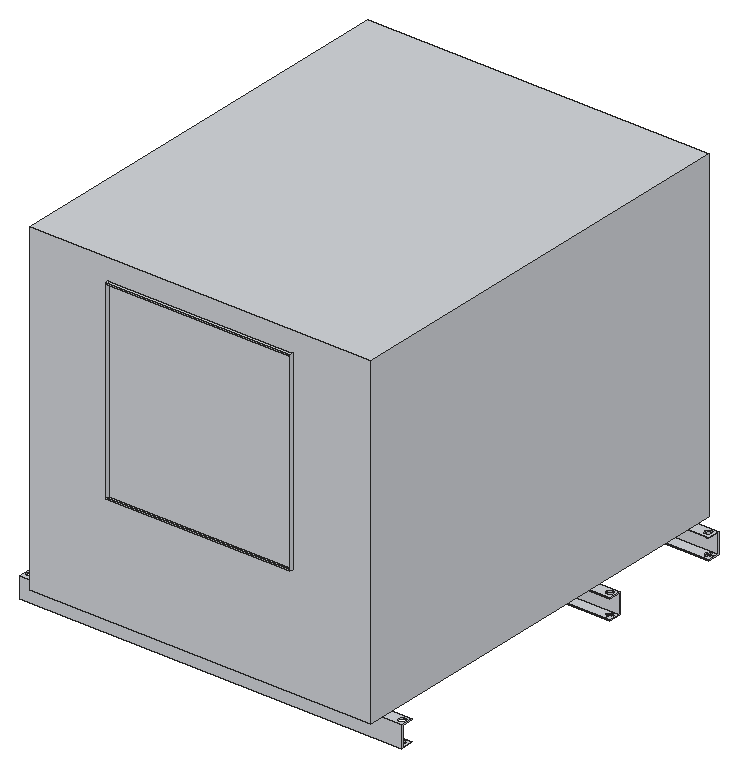
Revit family "BOX BV GRAN", category Modelos genéricos, Revit 2017
Family settings
  Puede alojar armadura = No
  Cota de conector redondo = Diámetro de uso
  Tipo de pieza = Normal
  Se basa en plano de trabajo = No
  Siempre vertical = Sí
  Corte con vacíos al cargar = No
  Compartido = No
  Punto de cálculo de habitación = No
Parameters (values of type "BOX BV 30/28")
  eEXT = B - F - G  # 936.5 mm
  Z = (C - M) / 2  # 64.25 mm
  VisiblePeuMig = yes
  URL = "www.casals.com"
  S = 16.8 mm
  O = 595 mm
  Material = none
  M = 1911.5 mm
  K = 100 mm
  I = 1848 mm
  G = 535.5 mm
  Fabricante = "Casals Ventilación"
  F = 100 mm
  EspPeu = 3 mm
  EspBoca = 3 mm
  Dimensiones = "1650,5x1572x1056,8"
  Dext = 893 mm
  C = 2040 mm
  B = 1572 mm
  AmplePeu = 60 mm
  AmpleBoca = A - 100 mm  # 1550.5 mm
  AlturaBoca = B - 100 mm  # 1472 mm
  A = 1650.5 mm
Types (5, lengths in mm): name | eEXT | Z | VisiblePeuMig | O | M | I | G | F | Dimensiones | Dext | C | B | AmpleBoca | AlturaBoca | A
  (no name) | 936.5 | 64.25 | yes | 595 | 1911.5 | 1848 | 535.5 | 100 | "1650,5x1572x1056,8" | 893 | 2040 | 1572 | 1550.5 | 1472 | 1650.5
  BOX BV 20/20 | 607 | 56.7 | no | 484.256 | 1411.6 | 1298 | 425 | 85 | "1100,5x1117x1541,8" | 605 | 1525 | 1117 | 1000.5 | 1017 | 1100.5
  BOX BV 22/22 | 693.5 | 56.7 | no | 484.256 | 1569.6 | 1548 | 421.5 | 85 | "1350,5x1200x1699,8" | 658 | 1683 | 1200 | 1250.5 | 1100 | 1350.5
  BOX BV 25/25 | 796 | 56.75 | yes | 525.5 | 1696.5 | 1655 | 443.5 | 98 | "1457,5x1337,5x1826,8" | 768 | 1810 | 1337.5 | 1357.5 | 1237.5 | 1457.5
  BOX BV 30/28 | 936.5 | 64.25 | yes | 595 | 1911.5 | 1848 | 535.5 | 100 | "1650,5x1572x1056,8" | 893 | 2040 | 1572 | 1550.5 | 1472 | 1650.5
Reference planes
  plane 1 "Centro (Frontal/Posterior)": y = 0
  plane 2: z = 0
  plane 3 "Centro (Izquierda/Derecha)": x = 0
  plane 4: z = 100
  plane 5: z = 1672
  plane 6: x = -825.25
  plane 7: x = 825.25
  plane 8: x = -924
  plane 9: x = 924
  plane 10: y = -1020
  plane 11: y = 1020
  plane 12: y = -955.75
  plane 13: y = 955.75
  plane 14: y = 360.75
  plane 15: z = 97
  plane 16: y = -895.75
  plane 17: y = -952.75
  plane 18: z = 3
  plane 19: y = 300.75
  plane 20: z = 97
  plane 21: z = 3
  plane 22: y = 357.75
  plane 23: y = 895.75
  plane 24: z = 97
  plane 25: z = 3
  plane 26: y = 952.75
  plane 27: x = -446.5
  plane 28: x = 446.5
  plane 29: z = 1572
  plane 30: z = 635.5
  plane 31: z = 1569
  plane 32: z = 638.5
  plane 33: x = -443.5
  plane 34: x = 443.5
  plane 35: y = -1036.8
  plane 36: z = 1607.75
  plane 37: z = 164.25
  plane 38: x = -761
  plane 39: x = 761
  plane 40: y = 925.75
  plane 41: y = 330.75
  plane 42: y = -925.75
  plane 43: x = -899.5
  plane 44: x = 899.5
Forms (mm)
  Extrusion 1, solid, material <- "Material"
    sketch origin (0, 0, 0) x (1, 0, 0) y (0, 0, 1)
      loop
        line (-825.25, 1672) -> (-825.25, 100) -> (825.25, 100) -> (825.25, 1672) -> (-825.25, 1672)
    from -1020 to 1020
  Extrusion 2, solid, material <- "Material"
    sketch origin (0, 0, 0) x (0, 1, 0) y (0, 0, 1)
      loop
        line (-895.75, 3) -> (-952.75, 3) -> (-952.75, 97) -> (-895.75, 97) -> (-895.75, 100) -> (-955.75, 100) -> (-955.75, 0) -> (-895.75, 0) -> (-895.75, 3)
    from -924 to 924
  Extrusion 3, solid, material <- "Material", visible <- "VisiblePeuMig"
    sketch origin (0, 0, 0) x (0, 1, 0) y (0, 0, 1)
      loop
        line (300.75, 3) -> (300.75, 0) -> (360.75, 0) -> (360.75, 100) -> (300.75, 100) -> (300.75, 97) -> (357.75, 97) -> (357.75, 3) -> (300.75, 3)
    from -924 to 924
  Extrusion 4, solid, material <- "Material"
    sketch origin (0, 0, 0) x (0, 1, 0) y (0, 0, 1)
      loop
        line (895.75, 3) -> (895.75, 0) -> (955.75, 0) -> (955.75, 100) -> (895.75, 100) -> (895.75, 97) -> (952.75, 97) -> (952.75, 3) -> (895.75, 3)
    from -924 to 924
  Extrusion 5, solid, material <- "Material"
    sketch origin (0, 0, 0) x (1, 0, 0) y (0, 0, 1)
      loop
        line (-446.5, 1572) -> (-446.5, 635.5) -> (446.5, 635.5) -> (446.5, 1572) -> (-446.5, 1572)
      loop
        line (-443.5, 1569) -> (-443.5, 638.5) -> (443.5, 638.5) -> (443.5, 1569) -> (-443.5, 1569)
    from 1020 to 1036.8
  Extrusion 6, void
    sketch origin (0, 0, 0) x (1, 0, 0) y (0, 0, 1)
      loop
        line (-761, 1607.75) -> (-761, 164.25) -> (761, 164.25) -> (761, 1607.75) -> (-761, 1607.75)
    from -1020 to -955.75
  Extrusion 7, void
    sketch origin (0, 0, 0) x (1, 0, 0) y (0, 1, 0)
      loop
        circle (-899.5, 925.75) r 16
      loop
        circle (899.5, 925.75) r 16
      loop
        circle (-899.5, 330.75) r 16
      loop
        circle (-899.5, -925.75) r 16
      loop
        circle (899.5, -925.75) r 16
      loop
        circle (899.5, 330.75) r 16
    from 97 to 100
Cuts and joins
  Extrusion 6 cuts Extrusion 1
  Extrusion 7 cuts Extrusion 2
  Extrusion 7 cuts Extrusion 3
  Extrusion 7 cuts Extrusion 4
Dimensions and locks
  equal spacing: plane 7, plane 3 "Centro (Izquierda/Derecha)", plane 6
  equal spacing: plane 9, plane 3 "Centro (Izquierda/Derecha)", plane 8
  "A": plane 7 to plane 6
  "I": plane 9 to plane 8
  "K": plane 4 to plane 2
  "B": plane 5 to plane 4
  equal spacing: plane 10, plane 1 "Centro (Frontal/Posterior)", plane 11
  "C": plane 10 to plane 11
  equal spacing: plane 12, plane 1 "Centro (Frontal/Posterior)", plane 13
  "M": plane 12 to plane 13
  "O": plane 14 to plane 13
  "EspPeu": plane 4 to plane 15
  "EspPeu": plane 18 to plane 2
  "EspPeu": plane 12 to plane 17
  "AmplePeu": plane 12 to plane 16
  "EspPeu": plane 4 to plane 20
  "EspPeu": plane 21 to plane 2
  "EspPeu": plane 22 to plane 14
  "AmplePeu": plane 19 to plane 14
  "EspPeu": plane 4 to plane 24
  "EspPeu": plane 25 to plane 2
  "EspPeu": plane 26 to plane 13
  "AmplePeu": plane 23 to plane 13
  equal spacing: plane 28, plane 3 "Centro (Izquierda/Derecha)", plane 27
  "Dext": plane 28 to plane 27
  "F": plane 5 to plane 29
  "G": plane 30 to plane 4
  "EspBoca": plane 32 to plane 30
  "EspBoca": plane 29 to plane 31
  "EspBoca": plane 33 to plane 27
  "EspBoca": plane 28 to plane 34
  "S": plane 35 to plane 10
  "Z": plane 5 to plane 36
  "Z": plane 37 to plane 4
  "Z": plane 38 to plane 6
  "Z": plane 7 to plane 39
  locked: plane 44 to plane 9 at 24.5
  locked: plane 8 to plane 43 at 24.5
  locked: plane 13 to plane 40 at 30
  locked: plane 14 to plane 41 at 30
  locked: plane 42 to plane 12 at 30
  aligned and locked: level to plane 2
  aligned and locked: Extrusion 1 sketch curve to plane 5
  aligned and locked: plane 6 to Extrusion 1 sketch curve
  aligned and locked: Extrusion 1 sketch curve to plane 7
  aligned and locked: plane 11 to Extrusion 1
  aligned and locked: Extrusion 1 to plane 10
  aligned and locked: Extrusion 2 sketch curve to plane 18
  aligned and locked: Extrusion 2 to plane 8
  aligned and locked: Extrusion 3 to plane 8
  aligned and locked: Extrusion 4 to plane 8
  aligned and locked: plane 9 to Extrusion 2
  aligned and locked: plane 9 to Extrusion 3
  aligned and locked: plane 9 to Extrusion 4
  aligned and locked: Extrusion 5 sketch curve to plane 29
  aligned and locked: plane 30 to Extrusion 5 sketch curve
  aligned and locked: Extrusion 5 sketch curve to plane 31
  aligned and locked: Extrusion 5 sketch curve to plane 32
  aligned and locked: Extrusion 5 to plane 35
  aligned and locked: plane 10 to Extrusion 5
  aligned and locked: Extrusion 6 sketch curve to plane 36
  aligned and locked: Extrusion 6 sketch curve to plane 39
  aligned and locked: plane 11 to cut or joined group of Extrusion 1, Extrusion 6
  aligned and locked: cut or joined group of Extrusion 1, Extrusion 6 to plane 13
  aligned and locked: plane 44 to nested 1
  aligned and locked: plane 40 to nested 1
  aligned and locked: plane 43 to nested 6
  aligned and locked: plane 40 to nested 6
  aligned and locked: plane 43 to nested 5
  aligned and locked: plane 41 to nested 5
  aligned and locked: plane 43 to nested 4
  aligned and locked: plane 42 to nested 4
  aligned and locked: plane 44 to nested 3
  aligned and locked: plane 42 to nested 3
  aligned and locked: plane 44 to nested 2
  aligned and locked: plane 41 to nested 2
Automatic sketch dimensions
  Extrusion 1 sketch curve to plane 4 = 0 mm
  Extrusion 7 sketch curve to plane 42 = 0 mm  (x2)
  Extrusion 7 sketch curve to plane 43 = 0 mm  (x3)
  Extrusion 7 sketch curve to plane 41 = 0 mm  (x2)
  Extrusion 7 sketch curve to plane 40 = 0 mm  (x2)
  Extrusion 7 sketch curve to plane 44 = 0 mm  (x3)
  Extrusion 2 sketch curve to plane 4 = 0 mm
  Extrusion 2 sketch curve to plane 12 = 0 mm
  Extrusion 2 sketch curve to plane 15 = 0 mm
  Extrusion 2 sketch curve to plane 17 = 0 mm
  Extrusion 2 sketch curve to plane 16 = 0 mm  (x2)
  Extrusion 2 sketch curve to level = 0 mm
  Extrusion 3 sketch curve to plane 19 = 0 mm  (x2)
  Extrusion 3 sketch curve to plane 4 = 0 mm
  plane 20 to Extrusion 3 sketch curve = 0 mm
  Extrusion 3 sketch curve to plane 22 = 0 mm
  Extrusion 3 sketch curve to plane 14 = 0 mm
  Extrusion 3 sketch curve to level = 0 mm
  plane 21 to Extrusion 3 sketch curve = 0 mm
  Extrusion 4 sketch curve to plane 23 = 0 mm  (x2)
  Extrusion 4 sketch curve to plane 4 = 0 mm
  plane 24 to Extrusion 4 sketch curve = 0 mm
  Extrusion 4 sketch curve to plane 26 = 0 mm
  Extrusion 4 sketch curve to plane 13 = 0 mm
  Extrusion 4 sketch curve to level = 0 mm
  plane 25 to Extrusion 4 sketch curve = 0 mm
  Extrusion 5 sketch curve to plane 27 = 0 mm
  Extrusion 5 sketch curve to plane 33 = 0 mm
  Extrusion 5 sketch curve to plane 34 = 0 mm
  Extrusion 5 sketch curve to plane 28 = 0 mm
  Extrusion 6 sketch curve to plane 37 = 0 mm
  Extrusion 6 sketch curve to plane 38 = 0 mm
  radius of Extrusion 7 sketch curve = 16 mm  (x6)
Nested families
  nested 1: "FORAT CREU" at (899.5, 925.75, 3) x (0, 1, 0) z (0, 0, 1), type "FORAT CREU"
    with fONDO -3 mm
  nested 2: "FORAT CREU" at (899.5, 330.75, 3) x (0, 1, 0) z (0, 0, 1), type "FORAT CREU"
    with fONDO -3 mm
  nested 3: "FORAT CREU" at (899.5, -925.75, 3) x (0, 1, 0) z (0, 0, 1), type "FORAT CREU"
    with fONDO -3 mm
  nested 4: "FORAT CREU" at (-899.5, -925.75, 3) x (0, 1, 0) z (0, 0, 1), type "FORAT CREU"
    with fONDO -3 mm
  nested 5: "FORAT CREU" at (-899.5, 330.75, 3) x (0, 1, 0) z (0, 0, 1), type "FORAT CREU"
    with fONDO -3 mm
  nested 6: "FORAT CREU" at (-899.5, 925.75, 3) x (0, 1, 0) z (0, 0, 1), type "FORAT CREU"
    with fONDO -3 mm
Connectors
  hvac at (0, 1020, 886), driven by "AlturaBoca", driven by "AmpleBoca"
    settings: on cut or joined group of Extrusion 1, Extrusion 6, index 1, duct flow 0.0 L/s, flow factor 0, pres drop 0.0 Pa, loss coef 0, conn angle 0.00°, conn width 1550.5 mm, conn height 1472 mm, conn diameter 609.6 mm, duct sys type 1, conn prof type 1, flow config 0, flow direction 1, loss method 0, conn ref index -1, conn util no, is conn primary yes, conn desc ""
  hvac at (0, -1036.8, 1103.75), driven by "eEXT", driven by "Dext"
    settings: on Extrusion 5, index 2, duct flow 0.0 L/s, flow factor 0, pres drop 0.0 Pa, loss coef 0, conn angle 0.00°, conn width 893 mm, conn height 936.5 mm, conn diameter 609.6 mm, duct sys type 1, conn prof type 1, flow config 0, flow direction 2, loss method 0, conn ref index -1, conn util no, is conn primary no, conn desc ""
Definition of nested family "FORAT CREU"
  Parameters (values of type "FORAT CREU")
    fONDO [instance] = -304.8 mm
    Default Elevation = 1219.2 mm
    B = 25 mm
    A = 11 mm
  Reference planes
    plane 1 "Centro (Frontal/Posterior)": y = 0
    plane 2: z = 0
    plane 3 "Centro (Izquierda/Derecha)": x = 0
    plane 4: x = -5.5
    plane 5: x = 5.5
    plane 6: x = -12.5
    plane 7: x = 12.5
    plane 8: y = 5.5
    plane 9: y = 12.5
    plane 10: y = -5.5
    plane 11: y = -12.5
  Forms (mm)
    Extrusion 1, solid
      sketch origin (0, 0, 0) x (1, 0, 0) y (0, 1, 0)
        loop
          line (-1219.2, 1219.2) -> (-1219.2, -1219.2) -> (1219.2, -1219.2) -> (1219.2, 1219.2) -> (-1219.2, 1219.2)
      from 0 to -304.8
    Extrusion 2, void
      sketch origin (0, 0, 0) x (1, 0, 0) y (0, 1, 0)
        loop
          arc (5.5, 12.5) -> (0, 18) -> (-5.5, 12.5) r 5.5
          line (-5.5, 12.5) -> (-5.5, 5.5) -> (-12.5, 5.5)
          arc (-12.5, 5.5) -> (-18, 0) -> (-12.5, -5.5) r 5.5
          line (-12.5, -5.5) -> (-5.5, -5.5) -> (-5.5, -12.5)
          arc (-5.5, -12.5) -> (0, -18) -> (5.5, -12.5) r 5.5
          line (5.5, -12.5) -> (5.5, -5.5) -> (12.5, -5.5)
          arc (12.5, -5.5) -> (18, 0) -> (12.5, 5.5) r 5.5
          line (12.5, 5.5) -> (5.5, 5.5) -> (5.5, 12.5)
      from -304.8 <- "fONDO" to 0
  Dimensions and locks
    equal spacing: plane 4, plane 3 "Centro (Izquierda/Derecha)", plane 5
    equal spacing: plane 6, plane 3 "Centro (Izquierda/Derecha)", plane 7
    equal spacing: plane 8, plane 1 "Centro (Frontal/Posterior)", plane 10
    equal spacing: plane 9, plane 1 "Centro (Frontal/Posterior)", plane 11
    "A": plane 4 to plane 5
    "B": plane 6 to plane 7
    "A": plane 8 to plane 10
    "B": plane 9 to plane 11
    Extrusion 2 to plane 1 "Centro (Frontal/Posterior)" = 5.5 mm
    aligned and locked: plane 2 to Extrusion 1
    aligned and locked: level to Extrusion 1
    aligned and locked: level to Extrusion 2
  Automatic sketch dimensions
    Extrusion 1 sketch curve to Extrusion 1 sketch curve = 2438.4 mm  (x2)
    plane 1 "Centro (Frontal/Posterior)" to Extrusion 2 sketch curve = 0 mm  (x2)
    Extrusion 2 sketch curve to plane 6 = 0 mm  (x2)
    Extrusion 2 sketch curve to plane 4 = 0 mm
    Extrusion 2 sketch curve to plane 3 "Centro (Izquierda/Derecha)" = 0 mm  (x2)
    Extrusion 2 sketch curve to plane 5 = 0 mm
    Extrusion 2 sketch curve to plane 7 = 0 mm  (x2)
    Extrusion 2 sketch curve to plane 11 = 0 mm  (x2)
    Extrusion 2 sketch curve to plane 10 = 0 mm
    Extrusion 2 sketch curve to plane 9 = 0 mm  (x2)
    Extrusion 2 sketch curve to plane 8 = 0 mm
